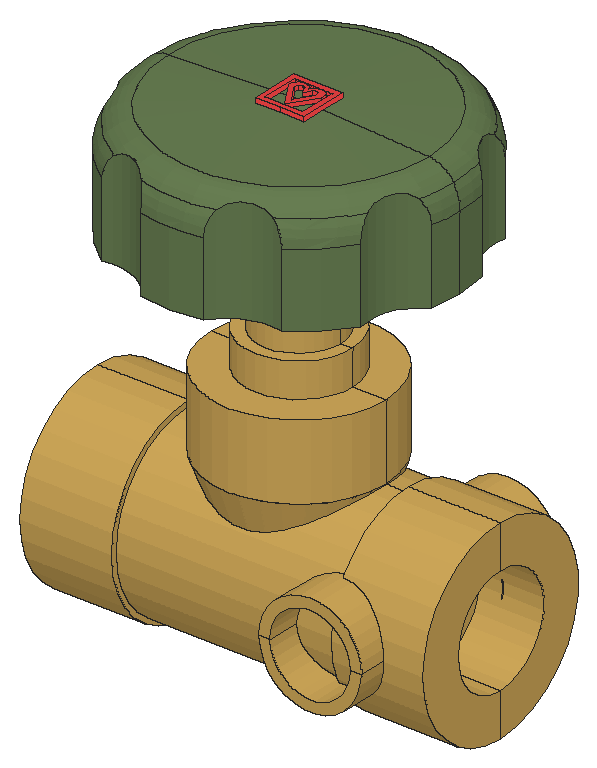
Revit family "HERZ Strömax 4215 AW IG-IG", category Rohrzubehör, Revit 2019
Family settings
  Bemaßung runder Anschluss = Durchmesser verwenden
  Teiletyp = Unterbricht
  OmniClass-Nummer = 23.65.55.14
  OmniClass-Titel = Valves for Liquid Services
  Arbeitsebenenbasiert = Nein
  Immer vertikal = Ja
  Beim Laden mit Abzugskörper schneiden = Nein
  Gemeinsam genutzt = Nein
Parameters
  URL = "www.herzvalves.com"
  T02 = 8.5 mm  # constant formula
  T01 [instance] = size_lookup("4215AW_", "T1", 17.5 mm, Nennweite)  # 23 mm
  R09 [instance] = R08 - 2 mm  # 7.5 mm
  Part number [instance] = size_lookup("4215AW_", "Artnr", 0, Nennweite)  # 2421532
  O-Rings = "EPDM"  # constant formula
  SC_NennweiteBerechnet = 0
  SC_Dimension = ""
  SCTWSEQ = "FW;SBT_TYP_FW=\"106\";2"
  SCTWCODE = "04;01;02"  # constant formula
  S03 = 60 mm  # constant formula
  S02 [instance] = H01 + H02 + H03  # 53.5 mm
  S01 [instance] = R01 * 2  # 36 mm
  R08 [instance] = size_lookup("4215AW_", "R8", 9.5 mm, Nennweite)  # 9.5 mm
  R07 = 3 mm  # constant formula
  R06 [instance] = size_lookup("4215AW_", "R6", 7.8 mm, Nennweite)  # 7.8 mm
  R05 [instance] = size_lookup("4215AW_", "R5", 10.1 mm, Nennweite)  # 10.1 mm
  R04 [instance] = size_lookup("4215AW_", "R4", 13.5 mm, Nennweite)  # 16.3 mm
  R03 [instance] = size_lookup("4215AW_", "R3", 15 mm, Nennweite)  # 17 mm
  R02 [instance] = Nennweite / 2  # 10 mm
  R01 [instance] = size_lookup("4215AW_", "R1", 16 mm, Nennweite)  # 18 mm
  Note = "Pursuant to Article 33 of the REACH Regulation (EC No. 1907/2006), we are obliged to point out that the material lead is listed on the SVHC list and that all brass components manufactured in our products exceed 0.1% (w / w) lead (CAS: 7439-92-1 / EINECS: 231-100-4).\r\nSince lead is a component part of an alloy, actual exposure is not possible and therefore no additional information on safe use is necessary."
  Nennweite [instance] = 20 mm
  Min. flow at Dp 10 kPa [instance] = if(Nennweite = 15 mm, 0.2, if(Nennweite = 20 mm, 0.4, if(Nennweite = 25 mm, 0.7, if(Nennweite = 32 mm, 1.2, if(Nennweite = 40 mm, 1.6, if(Nennweite = 50 mm, 2.7, 0))))))  # 0.4
  Medium = "Water"  # constant formula
  Max. operating temperature = 90 °C  # constant formula
  Max. operating pressure = 1000000.0 Pa  # constant formula
  Max. differential pressure on closed seat = 1000000.0 Pa  # constant formula
  L03 [instance] = size_lookup("4215AW_", "L3", 15.5 mm, Nennweite)  # 19 mm
  L02 = 12 mm  # constant formula
  L01 [instance] = size_lookup("4215AW_", "L1", 16 mm, Nennweite)  # 17 mm
  L00 [instance] = size_lookup("4215AW_", "L", 65 mm, Nennweite)  # 75 mm
  Hersteller = "HERZ Armaturen Ges.m.b.H."  # constant formula
  Hand wheel = "plastic, green"  # constant formula
  H04 = 21 mm  # constant formula
  H03 [instance] = size_lookup("4215AW_", "H3", 14.6 mm, Nennweite)  # 16.1 mm
  H02 [instance] = size_lookup("4215AW_", "H2", 5.4 mm, Nennweite)  # 6.4 mm
  H01 [instance] = size_lookup("4215AW_", "H1", 26 mm, Nennweite)  # 31 mm
  H00 [instance] = H01 + H02 + H03  # 53.5 mm
  Body = "DZR brass acc. to EN1982"  # constant formula
  Application = "For shutting off drinking water pipes and systems in buildings."
Reference planes
  plane 1 "Mitte (Vorne/hinten)": y = 0
  plane 2: z = 0
  plane 3 "Mitte (Links/rechts)": x = 0
Forms (mm)
  Revolve 1, solid, material "Messing, weicher Gelbton, geschweißt", detail levels fine
    sketch origin (470, 0, 0) x (1, 0, 0) y (0, 0, 1)
      loop
        line (-507.5, 10) -> (-495.5, 10) -> (-495.5, 0) -> (-444.5, 0) -> (-444.5, 10) -> (-432.5, 10) -> (-432.5, 18) -> (-449.5, 18) -> (-449.5, 17) -> (-490.5, 17) -> (-490.5, 18) -> (-507.5, 18) -> (-507.5, 10)
      axis (-507.5, 0) -> (-432.5, 0)
    angle from 0 to 360
  Revolve 2, solid, material "Messing, weicher Gelbton, geschweißt", detail levels fine
    sketch origin (0, 0, 0) x (1, 0, 0) y (0, 0, 1)
      loop
        line (0, 0) -> (0, 53.5) -> (-7.8, 53.5) -> (-7.8, 37.4) -> (-10.1, 37.4) -> (-10.1, 31) -> (-16.3, 31) -> (-16.3, 17) -> (-10, 0) -> (0, 0)
      axis (0, 53.5) -> (0, 0)
    angle from 0 to 360
  Revolve 3, solid, material "Messing, weicher Gelbton, geschweißt", detail levels fine
    sketch origin (0, 0, 0) x (1, 0, 0) y (0, 1, 0)
      loop
        line (20.5, -14.5) -> (28, -14.5) -> (28, -23) -> (30, -23) -> (30, -10) -> (23.5, -10) -> (23.5, 10) -> (30, 10) -> (30, 23) -> (20.5, 23) -> (20.5, -14.5)
      axis (20.5, 23) -> (20.5, -23)
    angle from 0 to 360
Lines and regions (mm)
  model lines, detail levels coarse+medium
    curve 1: line (-37.5, 0, 18) -> (-37.5, 0, -18)
    curve 2: line (-37.5, 0, -18) -> (37.5, 0, 18)
    curve 3: line (37.5, 0, 18) -> (37.5, 0, -18)
    curve 4: line (37.5, 0, -18) -> (-37.5, 0, 18)
    curve 5: line (0, 0, 0) -> (0, 0, 53.5)
    curve 6: line (-30, 0, 53.5) -> (30, 0, 53.5)
    curve 7: line (-37.5, -18, 0) -> (-37.5, 18, 0)
    curve 8: line (-37.5, 18, 0) -> (37.5, -18, 0)
    curve 9: line (37.5, -18, 0) -> (37.5, 18, 0)
    curve 10: line (37.5, 18, 0) -> (-37.5, -18, 0)
    curve 11: line (0, 0, 0) -> (0, 53.5, 0)
    curve 12: line (30, 53.5, 0) -> (-30, 53.5, 0)
Dimensions and locks
  "L00": Revolve 1 sketch curve to Revolve 1 sketch curve
  equal spacing: Revolve 1 sketch curve, plane 3 "Mitte (Links/rechts)", Revolve 1 sketch curve
  "R01": Revolve 1 sketch curve to Revolve 1 sketch curve  (x2)
  "R02": Revolve 1 sketch curve to Revolve 1 sketch curve  (x2)
  "L01": Revolve 1 sketch curve to Revolve 1 sketch curve  (x2)
  "L02": Revolve 1 sketch curve to Revolve 1 sketch curve  (x2)
  "R03": Revolve 1 sketch curve to Revolve 1 sketch curve
  "R03": Revolve 2 sketch curve to Revolve 2 sketch curve
  "R02": Revolve 2 sketch curve to Revolve 2 sketch curve
  "R04": Revolve 2 sketch curve to Revolve 2 sketch curve
  "R05": Revolve 2 sketch curve to Revolve 2 sketch curve
  "R06": Revolve 2 sketch curve to Revolve 2 sketch curve
  "H01": Revolve 2 sketch curve to plane 2
  "T01": Revolve 3 sketch curve to plane 1 "Mitte (Vorne/hinten)" to Revolve 3 sketch curve
  "R02": Revolve 3 sketch curve to plane 1 "Mitte (Vorne/hinten)"
  "R02": plane 1 "Mitte (Vorne/hinten)" to Revolve 3 sketch curve
  "R07": Revolve 3 sketch curve to Revolve 3 sketch curve
  "H02": Revolve 2 sketch curve to Revolve 2 sketch curve
  "H03": Revolve 2 sketch curve to Revolve 2 sketch curve
  "H00": nested 1 to plane 2
  "H04": nested 2 to Revolve 2
  equal spacing: curve 4, plane 2, curve 2
  "S01": curve 4 to curve 2
  equal spacing: curve 3, plane 2, curve 4
  "S01": curve 3 to curve 4
  equal spacing: curve 1, plane 3 "Mitte (Links/rechts)", curve 3
  "L00": curve 1 to curve 3
  "S02": curve 5 to plane 2
  equal spacing: curve 6, curve 5, curve 6
  "S03": curve 6 to curve 6
  equal spacing: curve 10, plane 1 "Mitte (Vorne/hinten)", curve 8
  "S01": curve 8 to curve 10
  equal spacing: curve 9, plane 1 "Mitte (Vorne/hinten)", curve 10
  "S01": curve 10 to curve 9
  equal spacing: curve 7, plane 3 "Mitte (Links/rechts)", curve 9
  "L00": curve 7 to curve 9
  "S02": plane 1 "Mitte (Vorne/hinten)" to curve 11
  equal spacing: curve 12, curve 11, curve 12
  "S03": curve 12 to curve 12
  "T02": Revolve 3 sketch curve to Revolve 3 sketch curve
  "R08": Revolve 3 sketch curve to Revolve 3 sketch curve
  "R03": Revolve 3 sketch curve to Revolve 1
  "R09": Revolve 3 sketch curve to Revolve 3 sketch curve
  aligned and locked: level to plane 2
Automatic sketch dimensions
  curve 5 to level = 0 mm
  curve 11 to plane 3 "Mitte (Links/rechts)" = 0 mm
  Revolve 1 sketch curve to level = 0 mm  (x2)
  Revolve 1 sketch curve to Revolve 1 sketch curve = 791.99 mm
  Revolve 1 sketch curve to Revolve 1 sketch curve = 2278.983 mm
  Revolve 2 sketch curve to level = 0 mm
  Revolve 2 sketch curve to plane 3 "Mitte (Links/rechts)" = 0 mm  (x2)
  Revolve 2 sketch curve to Revolve 2 sketch curve = 366.045 mm
  Revolve 2 sketch curve to Revolve 2 sketch curve = 2165.278 mm
  Revolve 3 sketch curve to Revolve 3 sketch curve = 0 mm  (x2)
  Revolve 3 sketch curve to Revolve 3 sketch curve = 6.5 mm
  Revolve 3 sketch curve to Revolve 3 sketch curve = 3.768 mm
Nested families
  nested 1: "Strömax-Handrad (Grün)" at (0, 0, 53.5), type "Strömax-Handrad (Grün)", detail levels fine
    with Nennweite 0 mm, Gewicht 0.00 kg, Bestellnummer 0
  nested 2: "Herz-Logo" at (0, 0, 74.5), type "Herz-Logo", detail levels fine
Connectors
  piping at (-25.5, 0, 0), diameter 20, driven by "Nennweite"
    settings: on Revolve 1, index 1, connector inside diameter 609.6 mm, connector length 0 mm, flow factor 0, pipe flow 0.0 L/s, pressure drop 0.0 Pa, fitting loss kfactor 0, connector angle 0.00°, fixture units 0, engagement length 0 mm, angle of deflection 0.00°, flow configuration 0, flow direction 1, fitting loss method 0, system type 29, joint type 0, gender type 0, connector reference index -1, connector utility 0, adjustable connector no, is connector primary yes, connector description ""
  piping at (25.5, 0, 0), diameter 20, driven by "Nennweite"
    settings: on Revolve 1, index 2, connector inside diameter 609.6 mm, connector length 0 mm, flow factor 0, pipe flow 0.0 L/s, pressure drop 0.0 Pa, fitting loss kfactor 0, connector angle 0.00°, fixture units 0, engagement length 0 mm, angle of deflection 0.00°, flow configuration 0, flow direction 2, fitting loss method 0, system type 29, joint type 0, gender type 0, connector reference index -1, connector utility 0, adjustable connector no, is connector primary no, connector description ""
Definition of nested family "Strömax-Handrad (Grün)"
  Parameters (values of type "Strömax-Handrad (Grün)")
    URL = "www.herz-armaturen.at"
    Nennweite [instance] = 0 mm
    Manufacturer = "Herz Armaturen GmbH"  # constant formula
    Gewicht [instance] = 0.00 kg
    Bestellnummer [instance] = 0
  Reference planes
    plane 1 "Mitte (Vorne/hinten)": y = 0
    plane 2: z = 0
    plane 3 "Mitte (Links/rechts)": x = 0
  Forms (mm)
    Revolve 1, solid
      sketch origin (0, 0, 0) x (1, 0, 0) y (0, 0, 1)
        loop
          line (0, 0) -> (0, 22)
          arc (0, 22) -> (-12.15, 21.705) -> (-24.271, 20.819) r 250
          arc (-24.271, 20.819) -> (-26.831, 19.959) -> (-28.754, 18.063) r 6
          arc (-28.754, 18.063) -> (-29.682, 16.008) -> (-30, 13.776) r 8
          line (-30, 13.776) -> (-30, 0) -> (0, 0)
        axis (0, 22) -> (0, 0)
      angle from 0 to 360
    Extrusion 2, void
      sketch origin (0, 0, 0) x (1, 0, 0) y (0, 1, 0)
        loop
          circle (14.351, -34.645) r 10
      from 0 to 22
    Extrusion 3, void
      sketch origin (0, 0, 0) x (-1, 0, 0) y (0, -1, 0)
        loop
          circle (14.351, 34.645) r 10
      from 0 to 22
    Extrusion 4, void
      sketch origin (0, 0, 0) x (0, -1, 0) y (1, 0, 0)
        loop
          circle (14.351, 34.645) r 10
      from 0 to 22
    Extrusion 5, void
      sketch origin (0, 0, 0) x (0, 1, 0) y (-1, 0, 0)
        loop
          circle (14.351, -34.645) r 10
      from 0 to 22
    Extrusion 6, void
      sketch origin (0, 0, 0) x (0, -1, 0) y (1, 0, 0)
        loop
          circle (14.351, -34.645) r 10
      from 0 to 22
    Extrusion 7, void
      sketch origin (0, 0, 0) x (0, 1, 0) y (-1, 0, 0)
        loop
          circle (14.351, 34.645) r 10
      from 0 to 22
    Extrusion 8, void
      sketch origin (0, 0, 0) x (1, 0, 0) y (0, 1, 0)
        loop
          circle (14.351, 34.645) r 10
      from 0 to 22
    Extrusion 9, void
      sketch origin (0, 0, 0) x (-1, 0, 0) y (0, -1, 0)
        loop
          circle (14.351, -34.645) r 10
      from 0 to 22
  Cuts and joins
    Extrusion 2, Extrusion 3, Extrusion 4, Extrusion 5, Extrusion 6, Extrusion 7, Extrusion 8, Extrusion 9 cuts Revolve 1
  Dimensions and locks
    aligned and locked: level to plane 2
Definition of nested family "Herz-Logo"
  Reference planes
    plane 1 "Mitte (Vorne/hinten)": y = 0
    plane 2: z = 0
    plane 3 "Mitte (Links/rechts)": x = 0
  Forms (mm)
    Extrusion 1, solid
      sketch origin (0, 0, 0) x (1, 0, 0) y (0, 1, 0)
        loop
          line (-0.018, -4.517) -> (4.482, -4.517) -> (4.482, 4.483) -> (-4.518, 4.483) -> (-4.518, -4.517) -> (-0.018, -4.517)
        loop
          line (-0.05, -3.48) -> (3.482, -3.48) -> (3.482, 3.483) -> (-3.518, 3.483) -> (-3.518, -3.48) -> (-0.05, -3.48)
        loop
          arc (-0.018, 2.383) -> (-1.543, 3.287) -> (-3.067, 2.383) r 1.738
          arc (-3.067, 2.383) -> (-3.191, 1.899) -> (-3.067, 1.415) r 1.009
          line (-3.067, 1.415) -> (-0.018, -3.281) -> (3.032, 1.415)
          arc (3.032, 1.415) -> (3.156, 1.899) -> (3.032, 2.383) r 1.009
          arc (3.032, 2.383) -> (1.507, 3.287) -> (-0.018, 2.383) r 1.738
        loop
          arc (1.885, 1.272) -> (2.005, 1.675) -> (1.885, 2.079) r 0.74
          arc (1.885, 2.079) -> (1.265, 2.416) -> (0.644, 2.079) r 0.74
          line (0.644, 2.079) -> (-0.018, 0.97) -> (-0.679, 2.079)
          arc (-0.679, 2.079) -> (-1.3, 2.416) -> (-1.921, 2.079) r 0.74
          arc (-1.921, 2.079) -> (-2.04, 1.675) -> (-1.921, 1.272) r 0.74
          line (-1.921, 1.272) -> (-0.018, -1.658) -> (1.885, 1.272)
      from 0 to 1.5
  Dimensions and locks
    aligned and locked: level to plane 2
